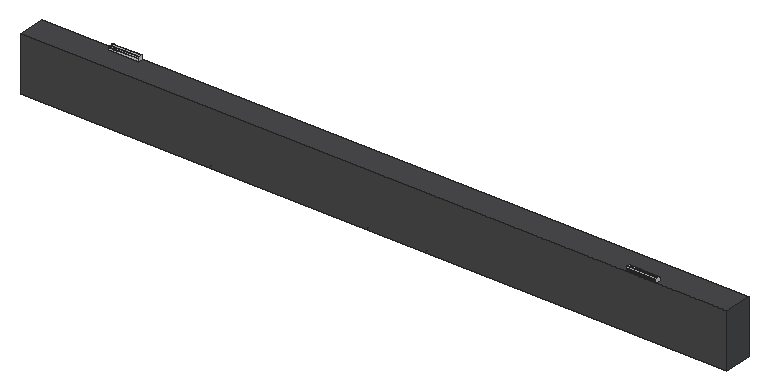
Revit family "DTM40W9.1.24", category Luminarias, Revit 2019
Family settings
  Cota de conector redondo = Diámetro de uso
  Tipo de pieza = Normal
  Se basa en plano de trabajo = Sí
  Siempre vertical = Sí
  Corte con vacíos al cargar = No
  Origen de luz = Sí
  Compartido = No
  Punto de cálculo de habitación = No
Parameters (values of type "RECTANGULAR DWN RIEL_DTM40W9.1.24")
  Ángulo de inclinación = 60.00°
  Zone [instance] = ""
  Watt per fixture = 42.9
  Wattage = 42.9 W
  built-in parameter 1150107 = 3000 (stored number, unit not read)
  built-in parameter 1150110 = 1 (stored number, unit not read)
  built-in parameter 1150109 = 1 (stored number, unit not read)
  built-in parameter 1150112 = 1 (stored number, unit not read)
  built-in parameter 1150113 = 1 (stored number, unit not read)
  built-in parameter 1114218 = 1 (stored number, unit not read)
  Keynote = ""
  built-in parameter 1150137 = (empty or 0)
  built-in parameter 1150132 = (empty or 0)
  Modelo = "DTM40W9.1.24"
  Lámpara = "3030SMD PHILIPS"
  built-in parameter 1150105 = 276.52 (stored number, unit not read)
  built-in parameter 1150102 = (empty or 0)
  built-in parameter 1150106 = 2.7652 (stored number, unit not read)
  Lumens = 3474.9 lm
  Color Filter = 16777215
  built-in parameter 1114217 = 1 (stored number, unit not read)
  built-in parameter 1150139 = (empty or 0)
  Fabricante = "BRILLANT"
  Default Elevation = 1219.2 mm
  built-in parameter 1150104 = 7.5251 (stored number, unit not read)
  Descripción = "LUMINARIA DOWNLIGHT EN FORMATO RECTANGULAR COMPATIBLE CON RIEL DE 6 ENTRADAS Y 3 CIRCUITOS, CUERPO DE ALUMINIO ACABADO EN COLOR NEGRO, IP 20, PESO 1.98Kg, TIPO DE LED 3030SMD PHILIPS CON 42.9W TOTAL, 3150 LUMENES, 81LM/W, IRC 90, TEMPERATURA EN BLANCO CALIDO 3000K, 50 MIL HORAS DE VIDA PROMEDIO, APERTURA DE 24 GRADOS POR STOCK, ALIMENTADO A 90-240V"
  built-in parameter 1150115 = 1 (stored number, unit not read)
  built-in parameter 1150114 = 1 (stored number, unit not read)
  Comentarios de vataje = "90-240V"
  built-in parameter 1150138 = (empty or 0)
  built-in parameter 1150134 = (empty or 0)
  Circuit [instance] = ""
  Dimming Lamp Color Temperature Shift = (empty or 0)
  Archivo de red fotométrica = "L964A-40W-830-B-24_IESNA95.IES"
  built-in parameter 1150133 = 10 (stored number, unit not read)
Reference planes
  plane 1 "Centro (Frontal/Posterior)": y = 0
  plane 2: z = 0
  plane 3 "Centro (Izquierda/Derecha)": x = 0
Forms (mm)
  Extrusion 1, solid, material "Default Form"
    sketch origin (0, 0, 0) x (1, 0, 0) y (0, 0, 1)
      loop
        line (-473, 0) -> (-473, -72) -> (473, -72) -> (473, 0) -> (-473, 0)
    from -18.326 to 18.326
  Extrusion 2, solid
    sketch origin (-250, 0, 3.217) x (0, -1, 0) y (0, 0, 1)
      loop
        line (-12.149, -3.217) -> (-12.149, 0) -> (-12.935, 0) -> (-12.935, 1.637) -> (-13.796, 1.637) -> (-13.796, 0) -> (-14.582, 0) -> (-14.582, 0.811) -> (-15.443, 0.811) -> (-15.443, 0) -> (-16.233, 0) -> (-16.233, 2.691) -> (-17.279, 2.691) -> (-17.279, 0) -> (-18.061, 0) -> (-18.061, -0.861) -> (-17.162, -0.861) -> (-17.162, -2.042) -> (-18.326, -2.042) -> (-18.326, -3.217) -> (-12.149, -3.217)
    from 89.098 to 128.24
  Blend 3, void
    base sketch origin (-293.63, 0, 0) x (1, 0, 0) y (0, 1, 0)
      loop
        line (-162, 16.149) -> (-162, -16.149) -> (-144.14, -16.149) -> (-144.14, 16.149) -> (-162, 16.149)
    top sketch origin (-293.63, 0, 0) x (1, 0, 0) y (0, 1, 0)
      loop
        line (-160, 12.149) -> (-160, -12.149) -> (-146.14, -12.149) -> (-146.14, 12.149) -> (-160, 12.149)
    from -72 to -61.591
  Blend 4, void
    base sketch origin (-267.33, 0, 0) x (1, 0, 0) y (0, 1, 0)
      loop
        line (-162, 16.149) -> (-162, -16.149) -> (-144.14, -16.149) -> (-144.14, 16.149) -> (-162, 16.149)
    top sketch origin (-267.33, 0, 0) x (1, 0, 0) y (0, 1, 0)
      loop
        line (-160, 12.149) -> (-160, -12.149) -> (-146.14, -12.149) -> (-146.14, 12.149) -> (-160, 12.149)
    from -72 to -61.591
  Blend 5, void
    base sketch origin (-241.03, 0, 0) x (1, 0, 0) y (0, 1, 0)
      loop
        line (-162, 16.149) -> (-162, -16.149) -> (-144.14, -16.149) -> (-144.14, 16.149) -> (-162, 16.149)
    top sketch origin (-241.03, 0, 0) x (1, 0, 0) y (0, 1, 0)
      loop
        line (-160, 12.149) -> (-160, -12.149) -> (-146.14, -12.149) -> (-146.14, 12.149) -> (-160, 12.149)
    from -72 to -61.591
  Blend 6, void
    base sketch origin (-214.73, 0, 0) x (1, 0, 0) y (0, 1, 0)
      loop
        line (-162, 16.149) -> (-162, -16.149) -> (-144.14, -16.149) -> (-144.14, 16.149) -> (-162, 16.149)
    top sketch origin (-214.73, 0, 0) x (1, 0, 0) y (0, 1, 0)
      loop
        line (-160, 12.149) -> (-160, -12.149) -> (-146.14, -12.149) -> (-146.14, 12.149) -> (-160, 12.149)
    from -72 to -61.591
  Blend 7, void
    base sketch origin (-188.43, 0, 0) x (1, 0, 0) y (0, 1, 0)
      loop
        line (-162, 16.149) -> (-162, -16.149) -> (-144.14, -16.149) -> (-144.14, 16.149) -> (-162, 16.149)
    top sketch origin (-188.43, 0, 0) x (1, 0, 0) y (0, 1, 0)
      loop
        line (-160, 12.149) -> (-160, -12.149) -> (-146.14, -12.149) -> (-146.14, 12.149) -> (-160, 12.149)
    from -72 to -61.591
  Blend 8, void
    base sketch origin (-162.13, 0, 0) x (1, 0, 0) y (0, 1, 0)
      loop
        line (-162, 16.149) -> (-162, -16.149) -> (-144.14, -16.149) -> (-144.14, 16.149) -> (-162, 16.149)
    top sketch origin (-162.13, 0, 0) x (1, 0, 0) y (0, 1, 0)
      loop
        line (-160, 12.149) -> (-160, -12.149) -> (-146.14, -12.149) -> (-146.14, 12.149) -> (-160, 12.149)
    from -72 to -61.591
  Blend 9, void
    base sketch origin (-135.83, 0, 0) x (1, 0, 0) y (0, 1, 0)
      loop
        line (-162, 16.149) -> (-162, -16.149) -> (-144.14, -16.149) -> (-144.14, 16.149) -> (-162, 16.149)
    top sketch origin (-135.83, 0, 0) x (1, 0, 0) y (0, 1, 0)
      loop
        line (-160, 12.149) -> (-160, -12.149) -> (-146.14, -12.149) -> (-146.14, 12.149) -> (-160, 12.149)
    from -72 to -61.591
  Blend 10, void
    base sketch origin (-109.53, 0, 0) x (1, 0, 0) y (0, 1, 0)
      loop
        line (-162, 16.149) -> (-162, -16.149) -> (-144.14, -16.149) -> (-144.14, 16.149) -> (-162, 16.149)
    top sketch origin (-109.53, 0, 0) x (1, 0, 0) y (0, 1, 0)
      loop
        line (-160, 12.149) -> (-160, -12.149) -> (-146.14, -12.149) -> (-146.14, 12.149) -> (-160, 12.149)
    from -72 to -61.591
  Blend 11, void
    base sketch origin (-83.23, 0, 0) x (1, 0, 0) y (0, 1, 0)
      loop
        line (-162, 16.149) -> (-162, -16.149) -> (-144.14, -16.149) -> (-144.14, 16.149) -> (-162, 16.149)
    top sketch origin (-83.23, 0, 0) x (1, 0, 0) y (0, 1, 0)
      loop
        line (-160, 12.149) -> (-160, -12.149) -> (-146.14, -12.149) -> (-146.14, 12.149) -> (-160, 12.149)
    from -72 to -61.591
  Blend 12, void
    base sketch origin (-56.93, 0, 0) x (1, 0, 0) y (0, 1, 0)
      loop
        line (-162, 16.149) -> (-162, -16.149) -> (-144.14, -16.149) -> (-144.14, 16.149) -> (-162, 16.149)
    top sketch origin (-56.93, 0, 0) x (1, 0, 0) y (0, 1, 0)
      loop
        line (-160, 12.149) -> (-160, -12.149) -> (-146.14, -12.149) -> (-146.14, 12.149) -> (-160, 12.149)
    from -72 to -61.591
  Blend 13, void
    base sketch origin (-30.63, 0, 0) x (1, 0, 0) y (0, 1, 0)
      loop
        line (-162, 16.149) -> (-162, -16.149) -> (-144.14, -16.149) -> (-144.14, 16.149) -> (-162, 16.149)
    top sketch origin (-30.63, 0, 0) x (1, 0, 0) y (0, 1, 0)
      loop
        line (-160, 12.149) -> (-160, -12.149) -> (-146.14, -12.149) -> (-146.14, 12.149) -> (-160, 12.149)
    from -72 to -61.591
  Blend 14, void
    base sketch origin (-4.33, 0, 0) x (1, 0, 0) y (0, 1, 0)
      loop
        line (-162, 16.149) -> (-162, -16.149) -> (-144.14, -16.149) -> (-144.14, 16.149) -> (-162, 16.149)
    top sketch origin (-4.33, 0, 0) x (1, 0, 0) y (0, 1, 0)
      loop
        line (-160, 12.149) -> (-160, -12.149) -> (-146.14, -12.149) -> (-146.14, 12.149) -> (-160, 12.149)
    from -72 to -61.591
  Blend 15, void
    base sketch origin (21.97, 0, 0) x (1, 0, 0) y (0, 1, 0)
      loop
        line (-162, 16.149) -> (-162, -16.149) -> (-144.14, -16.149) -> (-144.14, 16.149) -> (-162, 16.149)
    top sketch origin (21.97, 0, 0) x (1, 0, 0) y (0, 1, 0)
      loop
        line (-160, 12.149) -> (-160, -12.149) -> (-146.14, -12.149) -> (-146.14, 12.149) -> (-160, 12.149)
    from -72 to -61.591
  Blend 16, void
    base sketch origin (48.27, 0, 0) x (1, 0, 0) y (0, 1, 0)
      loop
        line (-162, 16.149) -> (-162, -16.149) -> (-144.14, -16.149) -> (-144.14, 16.149) -> (-162, 16.149)
    top sketch origin (48.27, 0, 0) x (1, 0, 0) y (0, 1, 0)
      loop
        line (-160, 12.149) -> (-160, -12.149) -> (-146.14, -12.149) -> (-146.14, 12.149) -> (-160, 12.149)
    from -72 to -61.591
  Blend 17, void
    base sketch origin (74.57, 0, 0) x (1, 0, 0) y (0, 1, 0)
      loop
        line (-162, 16.149) -> (-162, -16.149) -> (-144.14, -16.149) -> (-144.14, 16.149) -> (-162, 16.149)
    top sketch origin (74.57, 0, 0) x (1, 0, 0) y (0, 1, 0)
      loop
        line (-160, 12.149) -> (-160, -12.149) -> (-146.14, -12.149) -> (-146.14, 12.149) -> (-160, 12.149)
    from -72 to -61.591
  Blend 18, void
    base sketch origin (100.87, 0, 0) x (1, 0, 0) y (0, 1, 0)
      loop
        line (-162, 16.149) -> (-162, -16.149) -> (-144.14, -16.149) -> (-144.14, 16.149) -> (-162, 16.149)
    top sketch origin (100.87, 0, 0) x (1, 0, 0) y (0, 1, 0)
      loop
        line (-160, 12.149) -> (-160, -12.149) -> (-146.14, -12.149) -> (-146.14, 12.149) -> (-160, 12.149)
    from -72 to -61.591
  Blend 19, void
    base sketch origin (127.17, 0, 0) x (1, 0, 0) y (0, 1, 0)
      loop
        line (-162, 16.149) -> (-162, -16.149) -> (-144.14, -16.149) -> (-144.14, 16.149) -> (-162, 16.149)
    top sketch origin (127.17, 0, 0) x (1, 0, 0) y (0, 1, 0)
      loop
        line (-160, 12.149) -> (-160, -12.149) -> (-146.14, -12.149) -> (-146.14, 12.149) -> (-160, 12.149)
    from -72 to -61.591
  Blend 20, void
    base sketch origin (153.47, 0, 0) x (1, 0, 0) y (0, 1, 0)
      loop
        line (-162, 16.149) -> (-162, -16.149) -> (-144.14, -16.149) -> (-144.14, 16.149) -> (-162, 16.149)
    top sketch origin (153.47, 0, 0) x (1, 0, 0) y (0, 1, 0)
      loop
        line (-160, 12.149) -> (-160, -12.149) -> (-146.14, -12.149) -> (-146.14, 12.149) -> (-160, 12.149)
    from -72 to -61.591
  Blend 21, void
    base sketch origin (179.77, 0, 0) x (1, 0, 0) y (0, 1, 0)
      loop
        line (-162, 16.149) -> (-162, -16.149) -> (-144.14, -16.149) -> (-144.14, 16.149) -> (-162, 16.149)
    top sketch origin (179.77, 0, 0) x (1, 0, 0) y (0, 1, 0)
      loop
        line (-160, 12.149) -> (-160, -12.149) -> (-146.14, -12.149) -> (-146.14, 12.149) -> (-160, 12.149)
    from -72 to -61.591
  Blend 22, void
    base sketch origin (206.07, 0, 0) x (1, 0, 0) y (0, 1, 0)
      loop
        line (-162, 16.149) -> (-162, -16.149) -> (-144.14, -16.149) -> (-144.14, 16.149) -> (-162, 16.149)
    top sketch origin (206.07, 0, 0) x (1, 0, 0) y (0, 1, 0)
      loop
        line (-160, 12.149) -> (-160, -12.149) -> (-146.14, -12.149) -> (-146.14, 12.149) -> (-160, 12.149)
    from -72 to -61.591
  Blend 23, void
    base sketch origin (232.37, 0, 0) x (1, 0, 0) y (0, 1, 0)
      loop
        line (-162, 16.149) -> (-162, -16.149) -> (-144.14, -16.149) -> (-144.14, 16.149) -> (-162, 16.149)
    top sketch origin (232.37, 0, 0) x (1, 0, 0) y (0, 1, 0)
      loop
        line (-160, 12.149) -> (-160, -12.149) -> (-146.14, -12.149) -> (-146.14, 12.149) -> (-160, 12.149)
    from -72 to -61.591
  Blend 24, void
    base sketch origin (258.67, 0, 0) x (1, 0, 0) y (0, 1, 0)
      loop
        line (-162, 16.149) -> (-162, -16.149) -> (-144.14, -16.149) -> (-144.14, 16.149) -> (-162, 16.149)
    top sketch origin (258.67, 0, 0) x (1, 0, 0) y (0, 1, 0)
      loop
        line (-160, 12.149) -> (-160, -12.149) -> (-146.14, -12.149) -> (-146.14, 12.149) -> (-160, 12.149)
    from -72 to -61.591
  Blend 25, void
    base sketch origin (284.97, 0, 0) x (1, 0, 0) y (0, 1, 0)
      loop
        line (-162, 16.149) -> (-162, -16.149) -> (-144.14, -16.149) -> (-144.14, 16.149) -> (-162, 16.149)
    top sketch origin (284.97, 0, 0) x (1, 0, 0) y (0, 1, 0)
      loop
        line (-160, 12.149) -> (-160, -12.149) -> (-146.14, -12.149) -> (-146.14, 12.149) -> (-160, 12.149)
    from -72 to -61.591
  Blend 26, void
    base sketch origin (311.27, 0, 0) x (1, 0, 0) y (0, 1, 0)
      loop
        line (-162, 16.149) -> (-162, -16.149) -> (-144.14, -16.149) -> (-144.14, 16.149) -> (-162, 16.149)
    top sketch origin (311.27, 0, 0) x (1, 0, 0) y (0, 1, 0)
      loop
        line (-160, 12.149) -> (-160, -12.149) -> (-146.14, -12.149) -> (-146.14, 12.149) -> (-160, 12.149)
    from -72 to -61.591
  Blend 27, void
    base sketch origin (337.57, 0, 0) x (1, 0, 0) y (0, 1, 0)
      loop
        line (-162, 16.149) -> (-162, -16.149) -> (-144.14, -16.149) -> (-144.14, 16.149) -> (-162, 16.149)
    top sketch origin (337.57, 0, 0) x (1, 0, 0) y (0, 1, 0)
      loop
        line (-160, 12.149) -> (-160, -12.149) -> (-146.14, -12.149) -> (-146.14, 12.149) -> (-160, 12.149)
    from -72 to -61.591
  Blend 28, void
    base sketch origin (363.87, 0, 0) x (1, 0, 0) y (0, 1, 0)
      loop
        line (-162, 16.149) -> (-162, -16.149) -> (-144.14, -16.149) -> (-144.14, 16.149) -> (-162, 16.149)
    top sketch origin (363.87, 0, 0) x (1, 0, 0) y (0, 1, 0)
      loop
        line (-160, 12.149) -> (-160, -12.149) -> (-146.14, -12.149) -> (-146.14, 12.149) -> (-160, 12.149)
    from -72 to -61.591
  Blend 29, void
    base sketch origin (390.17, 0, 0) x (1, 0, 0) y (0, 1, 0)
      loop
        line (-162, 16.149) -> (-162, -16.149) -> (-144.14, -16.149) -> (-144.14, 16.149) -> (-162, 16.149)
    top sketch origin (390.17, 0, 0) x (1, 0, 0) y (0, 1, 0)
      loop
        line (-160, 12.149) -> (-160, -12.149) -> (-146.14, -12.149) -> (-146.14, 12.149) -> (-160, 12.149)
    from -72 to -61.591
  Blend 30, void
    base sketch origin (416.47, 0, 0) x (1, 0, 0) y (0, 1, 0)
      loop
        line (-162, 16.149) -> (-162, -16.149) -> (-144.14, -16.149) -> (-144.14, 16.149) -> (-162, 16.149)
    top sketch origin (416.47, 0, 0) x (1, 0, 0) y (0, 1, 0)
      loop
        line (-160, 12.149) -> (-160, -12.149) -> (-146.14, -12.149) -> (-146.14, 12.149) -> (-160, 12.149)
    from -72 to -61.591
  Blend 31, void
    base sketch origin (442.77, 0, 0) x (1, 0, 0) y (0, 1, 0)
      loop
        line (-162, 16.149) -> (-162, -16.149) -> (-144.14, -16.149) -> (-144.14, 16.149) -> (-162, 16.149)
    top sketch origin (442.77, 0, 0) x (1, 0, 0) y (0, 1, 0)
      loop
        line (-160, 12.149) -> (-160, -12.149) -> (-146.14, -12.149) -> (-146.14, 12.149) -> (-160, 12.149)
    from -72 to -61.591
  Blend 32, void
    base sketch origin (469.07, 0, 0) x (1, 0, 0) y (0, 1, 0)
      loop
        line (-162, 16.149) -> (-162, -16.149) -> (-144.14, -16.149) -> (-144.14, 16.149) -> (-162, 16.149)
    top sketch origin (469.07, 0, 0) x (1, 0, 0) y (0, 1, 0)
      loop
        line (-160, 12.149) -> (-160, -12.149) -> (-146.14, -12.149) -> (-146.14, 12.149) -> (-160, 12.149)
    from -72 to -61.591
  Blend 33, void
    base sketch origin (495.37, 0, 0) x (1, 0, 0) y (0, 1, 0)
      loop
        line (-162, 16.149) -> (-162, -16.149) -> (-144.14, -16.149) -> (-144.14, 16.149) -> (-162, 16.149)
    top sketch origin (495.37, 0, 0) x (1, 0, 0) y (0, 1, 0)
      loop
        line (-160, 12.149) -> (-160, -12.149) -> (-146.14, -12.149) -> (-146.14, 12.149) -> (-160, 12.149)
    from -72 to -61.591
  Blend 34, void
    base sketch origin (521.67, 0, 0) x (1, 0, 0) y (0, 1, 0)
      loop
        line (-162, 16.149) -> (-162, -16.149) -> (-144.14, -16.149) -> (-144.14, 16.149) -> (-162, 16.149)
    top sketch origin (521.67, 0, 0) x (1, 0, 0) y (0, 1, 0)
      loop
        line (-160, 12.149) -> (-160, -12.149) -> (-146.14, -12.149) -> (-146.14, 12.149) -> (-160, 12.149)
    from -72 to -61.591
  Blend 35, void
    base sketch origin (547.97, 0, 0) x (1, 0, 0) y (0, 1, 0)
      loop
        line (-162, 16.149) -> (-162, -16.149) -> (-144.14, -16.149) -> (-144.14, 16.149) -> (-162, 16.149)
    top sketch origin (547.97, 0, 0) x (1, 0, 0) y (0, 1, 0)
      loop
        line (-160, 12.149) -> (-160, -12.149) -> (-146.14, -12.149) -> (-146.14, 12.149) -> (-160, 12.149)
    from -72 to -61.591
  Blend 36, void
    base sketch origin (574.27, 0, 0) x (1, 0, 0) y (0, 1, 0)
      loop
        line (-162, 16.149) -> (-162, -16.149) -> (-144.14, -16.149) -> (-144.14, 16.149) -> (-162, 16.149)
    top sketch origin (574.27, 0, 0) x (1, 0, 0) y (0, 1, 0)
      loop
        line (-160, 12.149) -> (-160, -12.149) -> (-146.14, -12.149) -> (-146.14, 12.149) -> (-160, 12.149)
    from -72 to -61.591
  Blend 37, void
    base sketch origin (600.57, 0, 0) x (1, 0, 0) y (0, 1, 0)
      loop
        line (-162, 16.149) -> (-162, -16.149) -> (-144.14, -16.149) -> (-144.14, 16.149) -> (-162, 16.149)
    top sketch origin (600.57, 0, 0) x (1, 0, 0) y (0, 1, 0)
      loop
        line (-160, 12.149) -> (-160, -12.149) -> (-146.14, -12.149) -> (-146.14, 12.149) -> (-160, 12.149)
    from -72 to -61.591
  Extrusion 38, solid
    sketch origin (250, 0, 3.217) x (0, 1, 0) y (0, 0, 1)
      loop
        line (-12.149, -3.217) -> (-12.149, 0) -> (-12.935, 0) -> (-12.935, 1.637) -> (-13.796, 1.637) -> (-13.796, 0) -> (-14.582, 0) -> (-14.582, 0.811) -> (-15.443, 0.811) -> (-15.443, 0) -> (-16.233, 0) -> (-16.233, 2.691) -> (-17.279, 2.691) -> (-17.279, 0) -> (-18.061, 0) -> (-18.061, -0.861) -> (-17.162, -0.861) -> (-17.162, -2.042) -> (-18.326, -2.042) -> (-18.326, -3.217) -> (-12.149, -3.217)
    from 89.098 to 128.24
Cuts and joins
  Blend 3, Blend 4, Blend 5, Blend 6, Blend 7, Blend 8, Blend 9, Blend 10, Blend 11, Blend 12, Blend 13, Blend 14, Blend 15, Blend 16, Blend 17, Blend 18, Blend 19, Blend 20, Blend 21, Blend 22, Blend 23, Blend 24, Blend 25, Blend 26, Blend 27, Blend 28, Blend 29, Blend 30, Blend 31, Blend 32, Blend 33, Blend 34, Blend 35, Blend 36, Blend 37 cuts Extrusion 1
Dimensions and locks
  equal spacing: Extrusion 1, plane 1 "Centro (Frontal/Posterior)", Extrusion 1
  Extrusion 1 to plane 1 "Centro (Frontal/Posterior)" = 18.326 mm
  Extrusion 1 to Extrusion 1 = 36.651 mm
  Extrusion 1 to Extrusion 1 = 72 mm
  Extrusion 1 to Extrusion 1 = 946 mm
  cut or joined group 1 (Extrusion 1, Blend 3, Blend 4, Blend 5, Blend 6, Blend 7, Blend 8, Blend 9, Blend 10, Blend 11, Blend 12, Blend 13, Blend 14, Blend 15, Blend 16, Blend 17, Blend 18, Blend 19, Blend 20, Blend 21, Blend 22, Blend 23, Blend 24, Blend 25, Blend 26, Blend 27, Blend 28, Blend 29, Blend 30, Blend 31, Blend 32, Blend 33, Blend 34, Blend 35, Blend 36, Blend 37) to cut or joined group 1 = 72 mm
  cut or joined group 1 to cut or joined group 1 = 36.651 mm
  cut or joined group 1 to cut or joined group 1 = 946 mm
  equal spacing: cut or joined group 1, plane 1 "Centro (Frontal/Posterior)", cut or joined group 1
  aligned and locked: level to plane 2
Automatic sketch dimensions
  Extrusion 1 sketch curve to level = 0 mm
  Extrusion 1 sketch curve to level = 72 mm
  Extrusion 1 sketch curve to plane 3 "Centro (Izquierda/Derecha)" = 473 mm
  plane 3 "Centro (Izquierda/Derecha)" to Extrusion 1 sketch curve = 473 mm
  Extrusion 2 sketch curve to level = 0 mm
  level to Extrusion 2 sketch curve = 1.175 mm
  Extrusion 2 sketch curve to plane 1 "Centro (Frontal/Posterior)" = 18.326 mm
  Extrusion 2 sketch curve to Extrusion 2 sketch curve = 0.265 mm
  Extrusion 2 sketch curve to Extrusion 2 sketch curve = 0.782 mm
  Extrusion 2 sketch curve to Extrusion 2 sketch curve = 1.164 mm
  Extrusion 2 sketch curve to Extrusion 2 sketch curve = 1.046 mm
  Extrusion 2 sketch curve to Extrusion 2 sketch curve = 0.789 mm
  Extrusion 2 sketch curve to Extrusion 2 sketch curve = 0.861 mm  (x3)
  Extrusion 2 sketch curve to Extrusion 2 sketch curve = 0.786 mm
  Extrusion 2 sketch curve to Extrusion 2 sketch curve = 0.785 mm
  Extrusion 2 sketch curve to Extrusion 2 sketch curve = 1.181 mm
  level to Extrusion 2 sketch curve = 3.217 mm
  Extrusion 2 sketch curve to Extrusion 2 sketch curve = 0 mm  (x2)
  Extrusion 2 sketch curve to Extrusion 2 sketch curve = 0.811 mm
  Extrusion 2 sketch curve to Extrusion 2 sketch curve = 0.826 mm
  Extrusion 2 sketch curve to Extrusion 2 sketch curve = 1.88 mm
  Blend 3 sketch curve to plane 1 "Centro (Frontal/Posterior)" = 16.149 mm
  Blend 3 sketch curve to plane 3 "Centro (Izquierda/Derecha)" = 455.63 mm
  Blend 3 sketch curve to Blend 3 sketch curve = 17.86 mm
  plane 1 "Centro (Frontal/Posterior)" to Blend 3 sketch curve = 16.149 mm
  Blend 3 sketch curve to plane 1 "Centro (Frontal/Posterior)" = 12.149 mm
  Blend 3 sketch curve to plane 3 "Centro (Izquierda/Derecha)" = 453.63 mm
  Blend 3 sketch curve to Blend 3 sketch curve = 13.86 mm
  plane 1 "Centro (Frontal/Posterior)" to Blend 3 sketch curve = 12.149 mm
  Blend 4 sketch curve to plane 1 "Centro (Frontal/Posterior)" = 16.149 mm
  Blend 4 sketch curve to plane 3 "Centro (Izquierda/Derecha)" = 429.33 mm
  Blend 4 sketch curve to Blend 4 sketch curve = 17.86 mm
  plane 1 "Centro (Frontal/Posterior)" to Blend 4 sketch curve = 16.149 mm
  Blend 4 sketch curve to plane 1 "Centro (Frontal/Posterior)" = 12.149 mm
  Blend 4 sketch curve to plane 3 "Centro (Izquierda/Derecha)" = 427.33 mm
  Blend 4 sketch curve to Blend 4 sketch curve = 13.86 mm
  plane 1 "Centro (Frontal/Posterior)" to Blend 4 sketch curve = 12.149 mm
  Blend 5 sketch curve to plane 1 "Centro (Frontal/Posterior)" = 16.149 mm
  Blend 5 sketch curve to plane 3 "Centro (Izquierda/Derecha)" = 403.03 mm
  Blend 5 sketch curve to Blend 5 sketch curve = 17.86 mm
  plane 1 "Centro (Frontal/Posterior)" to Blend 5 sketch curve = 16.149 mm
  Blend 5 sketch curve to plane 1 "Centro (Frontal/Posterior)" = 12.149 mm
  Blend 5 sketch curve to plane 3 "Centro (Izquierda/Derecha)" = 401.03 mm
  Blend 5 sketch curve to Blend 5 sketch curve = 13.86 mm
  plane 1 "Centro (Frontal/Posterior)" to Blend 5 sketch curve = 12.149 mm
  Blend 6 sketch curve to plane 1 "Centro (Frontal/Posterior)" = 16.149 mm
  Blend 6 sketch curve to plane 3 "Centro (Izquierda/Derecha)" = 376.73 mm
  Blend 6 sketch curve to Blend 6 sketch curve = 17.86 mm
  plane 1 "Centro (Frontal/Posterior)" to Blend 6 sketch curve = 16.149 mm
  Blend 6 sketch curve to plane 1 "Centro (Frontal/Posterior)" = 12.149 mm
  Blend 6 sketch curve to plane 3 "Centro (Izquierda/Derecha)" = 374.73 mm
  Blend 6 sketch curve to Blend 6 sketch curve = 13.86 mm
  plane 1 "Centro (Frontal/Posterior)" to Blend 6 sketch curve = 12.149 mm
  Blend 7 sketch curve to plane 1 "Centro (Frontal/Posterior)" = 16.149 mm
  Blend 7 sketch curve to plane 3 "Centro (Izquierda/Derecha)" = 350.43 mm
  Blend 7 sketch curve to Blend 7 sketch curve = 17.86 mm
  plane 1 "Centro (Frontal/Posterior)" to Blend 7 sketch curve = 16.149 mm
  Blend 7 sketch curve to plane 1 "Centro (Frontal/Posterior)" = 12.149 mm
  Blend 7 sketch curve to plane 3 "Centro (Izquierda/Derecha)" = 348.43 mm
  Blend 7 sketch curve to Blend 7 sketch curve = 13.86 mm
  plane 1 "Centro (Frontal/Posterior)" to Blend 7 sketch curve = 12.149 mm
  Blend 8 sketch curve to plane 1 "Centro (Frontal/Posterior)" = 16.149 mm
  Blend 8 sketch curve to plane 3 "Centro (Izquierda/Derecha)" = 324.13 mm
  Blend 8 sketch curve to Blend 8 sketch curve = 17.86 mm
  plane 1 "Centro (Frontal/Posterior)" to Blend 8 sketch curve = 16.149 mm
  Blend 8 sketch curve to plane 1 "Centro (Frontal/Posterior)" = 12.149 mm
  Blend 8 sketch curve to plane 3 "Centro (Izquierda/Derecha)" = 322.13 mm
  Blend 8 sketch curve to Blend 8 sketch curve = 13.86 mm
  plane 1 "Centro (Frontal/Posterior)" to Blend 8 sketch curve = 12.149 mm
  Blend 9 sketch curve to plane 1 "Centro (Frontal/Posterior)" = 16.149 mm
  Blend 9 sketch curve to plane 3 "Centro (Izquierda/Derecha)" = 297.83 mm
  Blend 9 sketch curve to Blend 9 sketch curve = 17.86 mm
  plane 1 "Centro (Frontal/Posterior)" to Blend 9 sketch curve = 16.149 mm
  Blend 9 sketch curve to plane 1 "Centro (Frontal/Posterior)" = 12.149 mm
  Blend 9 sketch curve to plane 3 "Centro (Izquierda/Derecha)" = 295.83 mm
  Blend 9 sketch curve to Blend 9 sketch curve = 13.86 mm
  plane 1 "Centro (Frontal/Posterior)" to Blend 9 sketch curve = 12.149 mm
  Blend 10 sketch curve to plane 1 "Centro (Frontal/Posterior)" = 16.149 mm
  Blend 10 sketch curve to plane 3 "Centro (Izquierda/Derecha)" = 271.53 mm
  Blend 10 sketch curve to Blend 10 sketch curve = 17.86 mm
  plane 1 "Centro (Frontal/Posterior)" to Blend 10 sketch curve = 16.149 mm
  Blend 10 sketch curve to plane 1 "Centro (Frontal/Posterior)" = 12.149 mm
  Blend 10 sketch curve to plane 3 "Centro (Izquierda/Derecha)" = 269.53 mm
  Blend 10 sketch curve to Blend 10 sketch curve = 13.86 mm
  plane 1 "Centro (Frontal/Posterior)" to Blend 10 sketch curve = 12.149 mm
  Blend 11 sketch curve to plane 1 "Centro (Frontal/Posterior)" = 16.149 mm
  Blend 11 sketch curve to plane 3 "Centro (Izquierda/Derecha)" = 245.23 mm
  Blend 11 sketch curve to Blend 11 sketch curve = 17.86 mm
  plane 1 "Centro (Frontal/Posterior)" to Blend 11 sketch curve = 16.149 mm
  Blend 11 sketch curve to plane 1 "Centro (Frontal/Posterior)" = 12.149 mm
  Blend 11 sketch curve to plane 3 "Centro (Izquierda/Derecha)" = 243.23 mm
  Blend 11 sketch curve to Blend 11 sketch curve = 13.86 mm
  plane 1 "Centro (Frontal/Posterior)" to Blend 11 sketch curve = 12.149 mm
  Blend 12 sketch curve to plane 1 "Centro (Frontal/Posterior)" = 16.149 mm
  Blend 12 sketch curve to plane 3 "Centro (Izquierda/Derecha)" = 218.93 mm
  Blend 12 sketch curve to Blend 12 sketch curve = 17.86 mm
  plane 1 "Centro (Frontal/Posterior)" to Blend 12 sketch curve = 16.149 mm
  Blend 12 sketch curve to plane 1 "Centro (Frontal/Posterior)" = 12.149 mm
  Blend 12 sketch curve to plane 3 "Centro (Izquierda/Derecha)" = 216.93 mm
  Blend 12 sketch curve to Blend 12 sketch curve = 13.86 mm
  plane 1 "Centro (Frontal/Posterior)" to Blend 12 sketch curve = 12.149 mm
  Blend 13 sketch curve to plane 1 "Centro (Frontal/Posterior)" = 16.149 mm
  Blend 13 sketch curve to plane 3 "Centro (Izquierda/Derecha)" = 192.63 mm
  Blend 13 sketch curve to Blend 13 sketch curve = 17.86 mm
  plane 1 "Centro (Frontal/Posterior)" to Blend 13 sketch curve = 16.149 mm
  Blend 13 sketch curve to plane 1 "Centro (Frontal/Posterior)" = 12.149 mm
  Blend 13 sketch curve to plane 3 "Centro (Izquierda/Derecha)" = 190.63 mm
  Blend 13 sketch curve to Blend 13 sketch curve = 13.86 mm
  plane 1 "Centro (Frontal/Posterior)" to Blend 13 sketch curve = 12.149 mm
  Blend 14 sketch curve to plane 1 "Centro (Frontal/Posterior)" = 16.149 mm
  Blend 14 sketch curve to plane 3 "Centro (Izquierda/Derecha)" = 166.33 mm
  Blend 14 sketch curve to Blend 14 sketch curve = 17.86 mm
  plane 1 "Centro (Frontal/Posterior)" to Blend 14 sketch curve = 16.149 mm
  Blend 14 sketch curve to plane 1 "Centro (Frontal/Posterior)" = 12.149 mm
  Blend 14 sketch curve to plane 3 "Centro (Izquierda/Derecha)" = 164.33 mm
  Blend 14 sketch curve to Blend 14 sketch curve = 13.86 mm
  plane 1 "Centro (Frontal/Posterior)" to Blend 14 sketch curve = 12.149 mm
  Blend 15 sketch curve to plane 1 "Centro (Frontal/Posterior)" = 16.149 mm
  Blend 15 sketch curve to plane 3 "Centro (Izquierda/Derecha)" = 140.03 mm
  Blend 15 sketch curve to Blend 15 sketch curve = 17.86 mm
  plane 1 "Centro (Frontal/Posterior)" to Blend 15 sketch curve = 16.149 mm
  Blend 15 sketch curve to plane 1 "Centro (Frontal/Posterior)" = 12.149 mm
  Blend 15 sketch curve to plane 3 "Centro (Izquierda/Derecha)" = 138.03 mm
  Blend 15 sketch curve to Blend 15 sketch curve = 13.86 mm
  plane 1 "Centro (Frontal/Posterior)" to Blend 15 sketch curve = 12.149 mm
  Blend 16 sketch curve to plane 1 "Centro (Frontal/Posterior)" = 16.149 mm
  Blend 16 sketch curve to plane 3 "Centro (Izquierda/Derecha)" = 113.73 mm
  Blend 16 sketch curve to Blend 16 sketch curve = 17.86 mm
  plane 1 "Centro (Frontal/Posterior)" to Blend 16 sketch curve = 16.149 mm
  Blend 16 sketch curve to plane 1 "Centro (Frontal/Posterior)" = 12.149 mm
  Blend 16 sketch curve to plane 3 "Centro (Izquierda/Derecha)" = 111.73 mm
  Blend 16 sketch curve to Blend 16 sketch curve = 13.86 mm
  plane 1 "Centro (Frontal/Posterior)" to Blend 16 sketch curve = 12.149 mm
  Blend 17 sketch curve to plane 1 "Centro (Frontal/Posterior)" = 16.149 mm
  Blend 17 sketch curve to plane 3 "Centro (Izquierda/Derecha)" = 87.43 mm
  Blend 17 sketch curve to Blend 17 sketch curve = 17.86 mm
  plane 1 "Centro (Frontal/Posterior)" to Blend 17 sketch curve = 16.149 mm
  Blend 17 sketch curve to plane 1 "Centro (Frontal/Posterior)" = 12.149 mm
  Blend 17 sketch curve to plane 3 "Centro (Izquierda/Derecha)" = 85.43 mm
  Blend 17 sketch curve to Blend 17 sketch curve = 13.86 mm
  plane 1 "Centro (Frontal/Posterior)" to Blend 17 sketch curve = 12.149 mm
  Blend 18 sketch curve to plane 1 "Centro (Frontal/Posterior)" = 16.149 mm
  Blend 18 sketch curve to plane 3 "Centro (Izquierda/Derecha)" = 61.13 mm
  Blend 18 sketch curve to Blend 18 sketch curve = 17.86 mm
  plane 1 "Centro (Frontal/Posterior)" to Blend 18 sketch curve = 16.149 mm
  Blend 18 sketch curve to plane 1 "Centro (Frontal/Posterior)" = 12.149 mm
  Blend 18 sketch curve to plane 3 "Centro (Izquierda/Derecha)" = 59.13 mm
  Blend 18 sketch curve to Blend 18 sketch curve = 13.86 mm
  plane 1 "Centro (Frontal/Posterior)" to Blend 18 sketch curve = 12.149 mm
  Blend 19 sketch curve to plane 1 "Centro (Frontal/Posterior)" = 16.149 mm
  Blend 19 sketch curve to plane 3 "Centro (Izquierda/Derecha)" = 34.83 mm
  Blend 19 sketch curve to plane 3 "Centro (Izquierda/Derecha)" = 16.97 mm
  plane 1 "Centro (Frontal/Posterior)" to Blend 19 sketch curve = 16.149 mm
  Blend 19 sketch curve to plane 1 "Centro (Frontal/Posterior)" = 12.149 mm
  Blend 19 sketch curve to plane 3 "Centro (Izquierda/Derecha)" = 32.83 mm
  Blend 19 sketch curve to Blend 19 sketch curve = 13.86 mm
  plane 1 "Centro (Frontal/Posterior)" to Blend 19 sketch curve = 12.149 mm
  Blend 20 sketch curve to plane 3 "Centro (Izquierda/Derecha)" = 8.53 mm
  plane 3 "Centro (Izquierda/Derecha)" to Blend 20 sketch curve = 9.33 mm
  plane 1 "Centro (Frontal/Posterior)" to Blend 20 sketch curve = 16.149 mm
  Blend 20 sketch curve to plane 1 "Centro (Frontal/Posterior)" = 16.149 mm
  Blend 20 sketch curve to plane 3 "Centro (Izquierda/Derecha)" = 6.53 mm
  plane 3 "Centro (Izquierda/Derecha)" to Blend 20 sketch curve = 7.33 mm
  plane 1 "Centro (Frontal/Posterior)" to Blend 20 sketch curve = 12.149 mm
  Blend 20 sketch curve to plane 1 "Centro (Frontal/Posterior)" = 12.149 mm
  plane 3 "Centro (Izquierda/Derecha)" to Blend 21 sketch curve = 17.77 mm
  Blend 21 sketch curve to Blend 21 sketch curve = 17.86 mm
  plane 1 "Centro (Frontal/Posterior)" to Blend 21 sketch curve = 16.149 mm
  Blend 21 sketch curve to plane 1 "Centro (Frontal/Posterior)" = 16.149 mm
  plane 3 "Centro (Izquierda/Derecha)" to Blend 21 sketch curve = 19.77 mm
  Blend 21 sketch curve to Blend 21 sketch curve = 13.86 mm
  plane 1 "Centro (Frontal/Posterior)" to Blend 21 sketch curve = 12.149 mm
  Blend 21 sketch curve to plane 1 "Centro (Frontal/Posterior)" = 12.149 mm
  Blend 22 sketch curve to plane 1 "Centro (Frontal/Posterior)" = 16.149 mm
  plane 3 "Centro (Izquierda/Derecha)" to Blend 22 sketch curve = 44.07 mm
  Blend 22 sketch curve to Blend 22 sketch curve = 17.86 mm
  plane 1 "Centro (Frontal/Posterior)" to Blend 22 sketch curve = 16.149 mm
  Blend 22 sketch curve to plane 1 "Centro (Frontal/Posterior)" = 12.149 mm
  plane 3 "Centro (Izquierda/Derecha)" to Blend 22 sketch curve = 46.07 mm
  Blend 22 sketch curve to Blend 22 sketch curve = 13.86 mm
  plane 1 "Centro (Frontal/Posterior)" to Blend 22 sketch curve = 12.149 mm
  Blend 23 sketch curve to plane 1 "Centro (Frontal/Posterior)" = 16.149 mm
  plane 3 "Centro (Izquierda/Derecha)" to Blend 23 sketch curve = 70.37 mm
  Blend 23 sketch curve to Blend 23 sketch curve = 17.86 mm
  plane 1 "Centro (Frontal/Posterior)" to Blend 23 sketch curve = 16.149 mm
  Blend 23 sketch curve to plane 1 "Centro (Frontal/Posterior)" = 12.149 mm
  plane 3 "Centro (Izquierda/Derecha)" to Blend 23 sketch curve = 72.37 mm
  Blend 23 sketch curve to Blend 23 sketch curve = 13.86 mm
  plane 1 "Centro (Frontal/Posterior)" to Blend 23 sketch curve = 12.149 mm
  Blend 24 sketch curve to plane 1 "Centro (Frontal/Posterior)" = 16.149 mm
  plane 3 "Centro (Izquierda/Derecha)" to Blend 24 sketch curve = 96.67 mm
  Blend 24 sketch curve to Blend 24 sketch curve = 17.86 mm
  plane 1 "Centro (Frontal/Posterior)" to Blend 24 sketch curve = 16.149 mm
  Blend 24 sketch curve to plane 1 "Centro (Frontal/Posterior)" = 12.149 mm
  plane 3 "Centro (Izquierda/Derecha)" to Blend 24 sketch curve = 98.67 mm
  Blend 24 sketch curve to Blend 24 sketch curve = 13.86 mm
  plane 1 "Centro (Frontal/Posterior)" to Blend 24 sketch curve = 12.149 mm
  Blend 25 sketch curve to plane 1 "Centro (Frontal/Posterior)" = 16.149 mm
  plane 3 "Centro (Izquierda/Derecha)" to Blend 25 sketch curve = 122.97 mm
  Blend 25 sketch curve to Blend 25 sketch curve = 17.86 mm
  plane 1 "Centro (Frontal/Posterior)" to Blend 25 sketch curve = 16.149 mm
  Blend 25 sketch curve to plane 1 "Centro (Frontal/Posterior)" = 12.149 mm
  plane 3 "Centro (Izquierda/Derecha)" to Blend 25 sketch curve = 124.97 mm
  Blend 25 sketch curve to Blend 25 sketch curve = 13.86 mm
  plane 1 "Centro (Frontal/Posterior)" to Blend 25 sketch curve = 12.149 mm
  Blend 26 sketch curve to plane 1 "Centro (Frontal/Posterior)" = 16.149 mm
  plane 3 "Centro (Izquierda/Derecha)" to Blend 26 sketch curve = 149.27 mm
  Blend 26 sketch curve to Blend 26 sketch curve = 17.86 mm
  plane 1 "Centro (Frontal/Posterior)" to Blend 26 sketch curve = 16.149 mm
  Blend 26 sketch curve to plane 1 "Centro (Frontal/Posterior)" = 12.149 mm
  plane 3 "Centro (Izquierda/Derecha)" to Blend 26 sketch curve = 151.27 mm
  Blend 26 sketch curve to Blend 26 sketch curve = 13.86 mm
  plane 1 "Centro (Frontal/Posterior)" to Blend 26 sketch curve = 12.149 mm
  Blend 27 sketch curve to plane 1 "Centro (Frontal/Posterior)" = 16.149 mm
  plane 3 "Centro (Izquierda/Derecha)" to Blend 27 sketch curve = 175.57 mm
  Blend 27 sketch curve to Blend 27 sketch curve = 17.86 mm
  plane 1 "Centro (Frontal/Posterior)" to Blend 27 sketch curve = 16.149 mm
  Blend 27 sketch curve to plane 1 "Centro (Frontal/Posterior)" = 12.149 mm
  plane 3 "Centro (Izquierda/Derecha)" to Blend 27 sketch curve = 177.57 mm
  Blend 27 sketch curve to Blend 27 sketch curve = 13.86 mm
  plane 1 "Centro (Frontal/Posterior)" to Blend 27 sketch curve = 12.149 mm
  Blend 28 sketch curve to plane 1 "Centro (Frontal/Posterior)" = 16.149 mm
  plane 3 "Centro (Izquierda/Derecha)" to Blend 28 sketch curve = 201.87 mm
  Blend 28 sketch curve to Blend 28 sketch curve = 17.86 mm
  plane 1 "Centro (Frontal/Posterior)" to Blend 28 sketch curve = 16.149 mm
  Blend 28 sketch curve to plane 1 "Centro (Frontal/Posterior)" = 12.149 mm
  plane 3 "Centro (Izquierda/Derecha)" to Blend 28 sketch curve = 203.87 mm
  Blend 28 sketch curve to Blend 28 sketch curve = 13.86 mm
  plane 1 "Centro (Frontal/Posterior)" to Blend 28 sketch curve = 12.149 mm
  Blend 29 sketch curve to plane 1 "Centro (Frontal/Posterior)" = 16.149 mm
  plane 3 "Centro (Izquierda/Derecha)" to Blend 29 sketch curve = 228.17 mm
  Blend 29 sketch curve to Blend 29 sketch curve = 17.86 mm
  plane 1 "Centro (Frontal/Posterior)" to Blend 29 sketch curve = 16.149 mm
  Blend 29 sketch curve to plane 1 "Centro (Frontal/Posterior)" = 12.149 mm
  plane 3 "Centro (Izquierda/Derecha)" to Blend 29 sketch curve = 230.17 mm
  Blend 29 sketch curve to Blend 29 sketch curve = 13.86 mm
  plane 1 "Centro (Frontal/Posterior)" to Blend 29 sketch curve = 12.149 mm
  Blend 30 sketch curve to plane 1 "Centro (Frontal/Posterior)" = 16.149 mm
  plane 3 "Centro (Izquierda/Derecha)" to Blend 30 sketch curve = 254.47 mm
  Blend 30 sketch curve to Blend 30 sketch curve = 17.86 mm
  plane 1 "Centro (Frontal/Posterior)" to Blend 30 sketch curve = 16.149 mm
  Blend 30 sketch curve to plane 1 "Centro (Frontal/Posterior)" = 12.149 mm
  plane 3 "Centro (Izquierda/Derecha)" to Blend 30 sketch curve = 256.47 mm
  Blend 30 sketch curve to Blend 30 sketch curve = 13.86 mm
  plane 1 "Centro (Frontal/Posterior)" to Blend 30 sketch curve = 12.149 mm
  Blend 31 sketch curve to plane 1 "Centro (Frontal/Posterior)" = 16.149 mm
  plane 3 "Centro (Izquierda/Derecha)" to Blend 31 sketch curve = 280.77 mm
  Blend 31 sketch curve to Blend 31 sketch curve = 17.86 mm
  plane 1 "Centro (Frontal/Posterior)" to Blend 31 sketch curve = 16.149 mm
  Blend 31 sketch curve to plane 1 "Centro (Frontal/Posterior)" = 12.149 mm
  plane 3 "Centro (Izquierda/Derecha)" to Blend 31 sketch curve = 282.77 mm
  Blend 31 sketch curve to Blend 31 sketch curve = 13.86 mm
  plane 1 "Centro (Frontal/Posterior)" to Blend 31 sketch curve = 12.149 mm
  Blend 32 sketch curve to plane 1 "Centro (Frontal/Posterior)" = 16.149 mm
  plane 3 "Centro (Izquierda/Derecha)" to Blend 32 sketch curve = 307.07 mm
  Blend 32 sketch curve to Blend 32 sketch curve = 17.86 mm
  plane 1 "Centro (Frontal/Posterior)" to Blend 32 sketch curve = 16.149 mm
  Blend 32 sketch curve to plane 1 "Centro (Frontal/Posterior)" = 12.149 mm
  plane 3 "Centro (Izquierda/Derecha)" to Blend 32 sketch curve = 309.07 mm
  Blend 32 sketch curve to Blend 32 sketch curve = 13.86 mm
  plane 1 "Centro (Frontal/Posterior)" to Blend 32 sketch curve = 12.149 mm
  Blend 33 sketch curve to plane 1 "Centro (Frontal/Posterior)" = 16.149 mm
  plane 3 "Centro (Izquierda/Derecha)" to Blend 33 sketch curve = 333.37 mm
  Blend 33 sketch curve to Blend 33 sketch curve = 17.86 mm
  plane 1 "Centro (Frontal/Posterior)" to Blend 33 sketch curve = 16.149 mm
  Blend 33 sketch curve to plane 1 "Centro (Frontal/Posterior)" = 12.149 mm
  plane 3 "Centro (Izquierda/Derecha)" to Blend 33 sketch curve = 335.37 mm
  Blend 33 sketch curve to Blend 33 sketch curve = 13.86 mm
  plane 1 "Centro (Frontal/Posterior)" to Blend 33 sketch curve = 12.149 mm
  Blend 34 sketch curve to plane 1 "Centro (Frontal/Posterior)" = 16.149 mm
  plane 3 "Centro (Izquierda/Derecha)" to Blend 34 sketch curve = 359.67 mm
  Blend 34 sketch curve to Blend 34 sketch curve = 17.86 mm
  plane 1 "Centro (Frontal/Posterior)" to Blend 34 sketch curve = 16.149 mm
  Blend 34 sketch curve to plane 1 "Centro (Frontal/Posterior)" = 12.149 mm
  plane 3 "Centro (Izquierda/Derecha)" to Blend 34 sketch curve = 361.67 mm
  Blend 34 sketch curve to Blend 34 sketch curve = 13.86 mm
  plane 1 "Centro (Frontal/Posterior)" to Blend 34 sketch curve = 12.149 mm
  Blend 35 sketch curve to plane 1 "Centro (Frontal/Posterior)" = 16.149 mm
  plane 3 "Centro (Izquierda/Derecha)" to Blend 35 sketch curve = 385.97 mm
  Blend 35 sketch curve to Blend 35 sketch curve = 17.86 mm
  plane 1 "Centro (Frontal/Posterior)" to Blend 35 sketch curve = 16.149 mm
  Blend 35 sketch curve to plane 1 "Centro (Frontal/Posterior)" = 12.149 mm
  plane 3 "Centro (Izquierda/Derecha)" to Blend 35 sketch curve = 387.97 mm
  Blend 35 sketch curve to Blend 35 sketch curve = 13.86 mm
  plane 1 "Centro (Frontal/Posterior)" to Blend 35 sketch curve = 12.149 mm
  Blend 36 sketch curve to plane 1 "Centro (Frontal/Posterior)" = 16.149 mm
  plane 3 "Centro (Izquierda/Derecha)" to Blend 36 sketch curve = 412.27 mm
  Blend 36 sketch curve to Blend 36 sketch curve = 17.86 mm
  plane 1 "Centro (Frontal/Posterior)" to Blend 36 sketch curve = 16.149 mm
  Blend 36 sketch curve to plane 1 "Centro (Frontal/Posterior)" = 12.149 mm
  plane 3 "Centro (Izquierda/Derecha)" to Blend 36 sketch curve = 414.27 mm
  Blend 36 sketch curve to Blend 36 sketch curve = 13.86 mm
  plane 1 "Centro (Frontal/Posterior)" to Blend 36 sketch curve = 12.149 mm
  Blend 37 sketch curve to plane 1 "Centro (Frontal/Posterior)" = 16.149 mm
  plane 3 "Centro (Izquierda/Derecha)" to Blend 37 sketch curve = 438.57 mm
  Blend 37 sketch curve to Blend 37 sketch curve = 17.86 mm
  plane 1 "Centro (Frontal/Posterior)" to Blend 37 sketch curve = 16.149 mm
  Blend 37 sketch curve to plane 1 "Centro (Frontal/Posterior)" = 12.149 mm
  plane 3 "Centro (Izquierda/Derecha)" to Blend 37 sketch curve = 440.57 mm
  Blend 37 sketch curve to Blend 37 sketch curve = 13.86 mm
  plane 1 "Centro (Frontal/Posterior)" to Blend 37 sketch curve = 12.149 mm
  Extrusion 38 sketch curve to level = 0 mm
  level to Extrusion 38 sketch curve = 1.175 mm
  plane 1 "Centro (Frontal/Posterior)" to Extrusion 38 sketch curve = 18.326 mm
  Extrusion 38 sketch curve to Extrusion 38 sketch curve = 0.265 mm
  Extrusion 38 sketch curve to Extrusion 38 sketch curve = 0.782 mm
  Extrusion 38 sketch curve to Extrusion 38 sketch curve = 1.164 mm
  Extrusion 38 sketch curve to Extrusion 38 sketch curve = 1.046 mm
  Extrusion 38 sketch curve to Extrusion 38 sketch curve = 0.789 mm
  Extrusion 38 sketch curve to Extrusion 38 sketch curve = 0.861 mm  (x3)
  Extrusion 38 sketch curve to Extrusion 38 sketch curve = 0.786 mm
  Extrusion 38 sketch curve to Extrusion 38 sketch curve = 0.785 mm
  Extrusion 38 sketch curve to Extrusion 38 sketch curve = 1.181 mm
  level to Extrusion 38 sketch curve = 3.217 mm
  Extrusion 38 sketch curve to Extrusion 38 sketch curve = 0 mm  (x2)
  Extrusion 38 sketch curve to Extrusion 38 sketch curve = 0.811 mm
  Extrusion 38 sketch curve to Extrusion 38 sketch curve = 0.826 mm
  Extrusion 38 sketch curve to Extrusion 38 sketch curve = 1.88 mm
Connectors
  electrical at (0, 0, 0)
    settings: on cut or joined group 1, index 1, voltage 240 V, apparent load 0 VA, apparent load phase1 0 VA, apparent load phase2 0 VA, apparent load phase3 0 VA, power factor 1, load classification "Otro", number of poles 1, system type 31, power factor state 1, is connector primary yes, connector utility no, sub classification motor no, connector description ""
